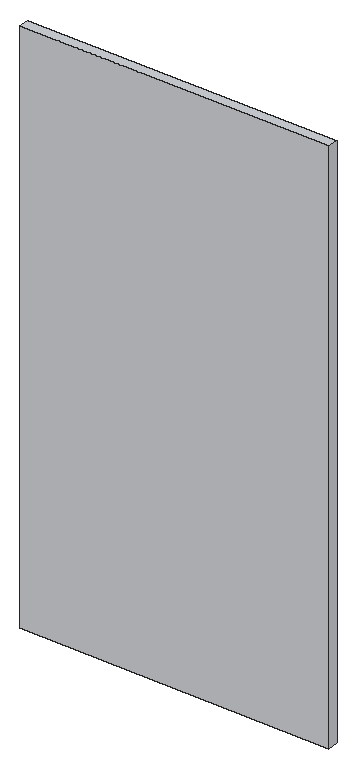
Revit family "Door_CavitySlider", category Doors, host Wall, Revit 2022
Family settings
  Host = Wall
  OmniClass Number = 23.30.10.00
  OmniClass Title = Doors
  Always vertical = Yes
  Cut with Voids When Loaded = No
  Shared = No
  Room Calculation Point = No
Parameters
  Mat_Door = none
  Function = Interior
  Frame Projection Ext. = 25 mm
  Frame Projection Int. = 25 mm
  Frame Width = 75 mm
  Height = 2100 mm
  Wall Closure = By host
  Width = 1200 mm
  DoorThickness = 40 mm
Reference planes
  plane 1: y = 0
  plane 2 "Center (Left/Right)": x = 0
  plane 3 "Left": x = -600
  plane 4 "Right": x = 600
  plane 5: z = 2100
  plane 6 "Exterior": y = 75
  plane 7 "Interior": y = -75
  plane 8: x = -1800
  plane 9: y = 20
  plane 10: y = -20
  plane 11: y = 40
  plane 12: y = -40
Forms (mm)
  Extrusion 1, void
    sketch origin (0, 0, 0) x (1, 0, 0) y (0, 1, 0)
      loop
        line (-1800, 40) -> (-1800, -40) -> (-600, -40) -> (-600, 40) -> (-1800, 40)
    from 0 to 2100
  Extrusion 2, void
    sketch origin (1200, 0, 0) x (1, 0, 0) y (0, 1, 0)
      loop
        line (-1800, 75) -> (-1800, -75) -> (-600, -75) -> (-600, 75) -> (-1800, 75)
    from 0 to 2100
Text (mm)
  text "Exterior" at (-1376.75, 1099.543, 0), in view "Ref. Level"
  text "Exterior" at (0, 1615.38, 3698.081), in view "Left"
  text "Exterior" at (0, 1036.032, 3874.932), in view "Right"
Dimensions and locks
  equal spacing: plane 3 "Left", plane 2 "Center (Left/Right)", plane 4 "Right"
  "Width": plane 3 "Left" to plane 4 "Right"
  "Height": plane 5 to host wall
  host wall to plane 5 = 2100 mm  (x2)
  locked: plane 6 "Exterior" to host wall
  locked: plane 7 "Interior" to host wall
  "Width": plane 8 to plane 3 "Left"
  equal spacing: plane 9, plane 1, plane 10
  "DoorThickness": plane 9 to plane 10
  locked: plane 12 to plane 10 at 20
  locked: plane 11 to plane 9 at 20
  aligned and locked: plane 1 to host wall
  aligned and locked: host wall to nested 1
  aligned and locked: plane 2 "Center (Left/Right)" to nested 1
  aligned and locked: nested 1 to level
  aligned and locked: Extrusion 1 sketch curve to plane 8
  aligned and locked: Extrusion 1 to plane 5
  aligned and locked: Extrusion 1 to level
  aligned and locked: Extrusion 1 sketch curve to plane 3 "Left"
  aligned and locked: Extrusion 2 sketch curve to host wall
  aligned and locked: plane 11 to Extrusion 1 sketch curve
  aligned and locked: plane 12 to Extrusion 1 sketch curve
Automatic sketch dimensions
  Extrusion 2 sketch curve to plane 3 "Left" = 0 mm
  Extrusion 2 sketch curve to plane 4 "Right" = 0 mm
  plane 10 to Extrusion 2 sketch curve = 55 mm
Nested families
  nested 1: "DoorPanel" at (0, 0, 0), type "DoorPanel"
Definition of nested family "DoorPanel"
  Parameters (values of type "DoorPanel")
    DoorPanel_Width = 1200 mm
    DoorPanel_Thickness = 40 mm
    DoorPanel_Height = 2100 mm
    DoorPanel = none
    Default Elevation = 0 mm
  Reference planes
    plane 1 "Center (Front/Back)": y = 0
    plane 2: z = 0
    plane 3 "Center (Left/Right)": x = 0
    plane 4: x = -600
    plane 5: x = 600
    plane 6: y = 20
    plane 7: y = -20
    plane 8: z = 2100
  Forms (mm)
    Extrusion 1, solid, material <- "DoorPanel"
      sketch origin (0, 0, 0) x (1, 0, 0) y (0, 1, 0)
        loop
          line (-600, 20) -> (-600, -20) -> (600, -20) -> (600, 20) -> (-600, 20)
      from 0 to 2100
  Dimensions and locks
    equal spacing: plane 4, plane 3 "Center (Left/Right)", plane 5
    equal spacing: plane 6, plane 1 "Center (Front/Back)", plane 7
    "DoorPanel_Width": plane 4 to plane 5
    "DoorPanel_Thickness": plane 6 to plane 7
    "DoorPanel_Height": plane 8 to plane 2
    aligned and locked: level to plane 2
    aligned and locked: Extrusion 1 sketch curve to plane 6
    aligned and locked: Extrusion 1 sketch curve to plane 7
    aligned and locked: Extrusion 1 sketch curve to plane 4
    aligned and locked: Extrusion 1 sketch curve to plane 5
    aligned and locked: plane 8 to Extrusion 1
    aligned and locked: Extrusion 1 to plane 2
